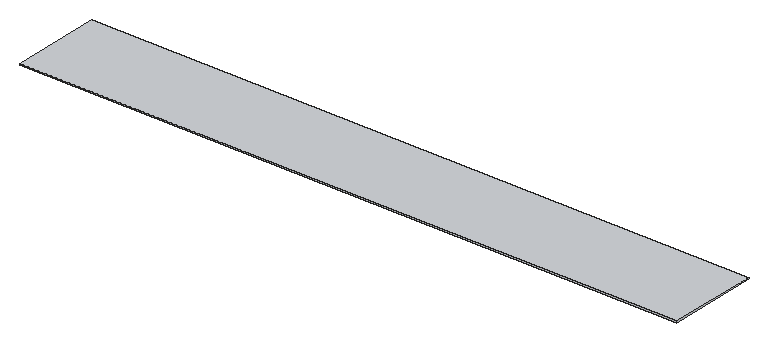
Revit family "BG_DORc_Protection-Type1", category Doors, host Face, Revit 2020
Family settings
  Host = Face
  Cut with Voids When Loaded = No
  Shared = No
  Room Calculation Point = No
Parameters (values of type "Typical")
  Width [instance] = 920 mm
  Undercut [instance] = 25 mm
  Thickness = 2 mm
  Protection on [instance] = Height - Undercut > 2 mm  # yes
  Protection finish [instance] = none
  Height override [instance] = if(Height - Undercut > 2 mm, Height, 2 mm)  # 150 mm
  Height [instance] = 150 mm
  Default Elevation = 1219.2 mm
Reference planes
  plane 1 "Center (Front/Back)": y = 0
  plane 2: z = 0
  plane 3 "Center (Left/Right)": x = 0
  plane 4: x = 920
  plane 5: y = 150
  plane 6: y = 25
Forms (mm)
  Extrusion 1, solid, material <- "Protection finish", visible <- "Protection on"
    sketch origin (0, 0, 0) x (1, 0, 0) y (0, 1, 0)
      loop
        line (0, 150) -> (0, 25) -> (920, 25) -> (920, 150) -> (0, 150)
    from 0 to 2 <- "Thickness"
Dimensions and locks
  "Height override": plane 1 "Center (Front/Back)" to plane 5
  "Width": plane 3 "Center (Left/Right)" to plane 4
  "Undercut": plane 1 "Center (Front/Back)" to plane 6
  aligned and locked: plane 2 to host face
  aligned and locked: level to host face
  aligned and locked: Extrusion 1 sketch curve to plane 3 "Center (Left/Right)"
  aligned and locked: Extrusion 1 sketch curve to plane 5
  aligned and locked: Extrusion 1 sketch curve to plane 4
  aligned and locked: Extrusion 1 sketch curve to plane 6
Automatic sketch dimensions
  host sketch curve to host sketch curve = 2438.4 mm  (x2)
